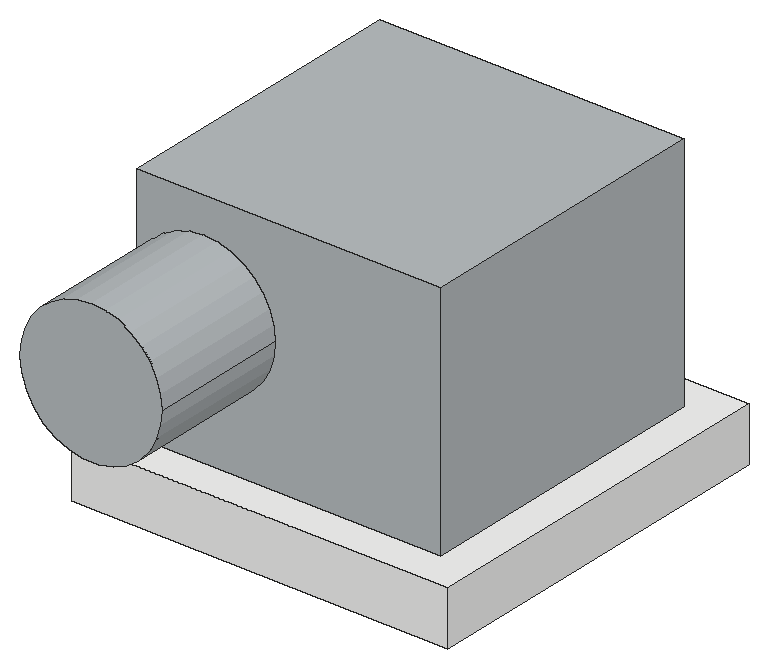
Revit family "vd-18_20ze(p)14-fp_60Hz", category 機械設備, Revit 2019
Family settings
  丸型コネクタ寸法 = 直径を使用
  パーツ タイプ = 標準
  OmniClass 番号 = 23.75.35.17.27
  OmniClass タイトル = Centrifugal Fans
  作業面ベース = いいえ
  常に垂直 = はい
  ロード時にボイドで切り取り = いいえ
  共有 = いいえ
  部屋計算ポイント = はい
Parameters (values of type "VD-20ZEP14-FP")
  騒音レベル(dB(A)) [instance] = 39.5
  風量 [instance] = 500.0 m³/h
  電源種別 [instance] = ""
  電圧 = 100 V
  電動機出力 = 0 W
  電動機_種別 [instance] = ""
  運転質量 = 0.00 kg
  連動 [instance] = ""
  質量 = if(製品質量 > 運転質量, 製品質量, 運転質量) * 1.2  # 7.08 kg
  負荷分類 = 3_ファン類
  説明 = "ダクト用換気扇 消音形 フラットインテリアタイプ"
  設計風量 [instance] = 0.0 m³/h
  設置方法 = "天埋"
  記号 [instance] = ""
  製造元 = "三菱電機株式会社"
  製品質量 = 5.90 kg
  製品出荷対象 = "国内"
  製品リリース年月 = "2024年6月3日"
  製品グループ = ""
  系統 [instance] = ""
  符号 [instance] = if(☑給気／□排気, "FS", "FE")  # "FE"
  積算_科目 = "2 換気設備"
  積算_拾い区分 [instance] = ""
  相 = 1
  盤記号 [instance] = ""
  発停方法 [instance] = ""
  特殊仕様 [instance] = ""
  火災停止 [instance] = ""
  消費電力 = 64.5 W
  法定耐用年数 = "15"
  機外静圧 [instance] = 0.0 Pa
  極数 = 2
  材質 [instance] = ""
  操作・制御方式 = ""
  操作・制御スイッチ = ""
  排気量 [instance] = if(☑給気／□排気, 0.0 m³/h, 設計風量)  # 0.0 m³/h
  形式 = "天井埋込ダクト形"
  幹線記号 [instance] = ""
  対象室 [instance] = ""
  実風量 [instance] = 0.0 m³/h
  始動方式 [instance] = "直入"
  外気量 [instance] = if(☑給気／□排気, 設計風量, 0.0 m³/h)  # 0.0 m³/h
  呼称 = "天井扇"
  周波数 = 60 Hz
  参照している仕様書等のバージョン = ""
  分類コード = "50052503100030"
  分類グループ = ""
  価格 = 86100
  企業コード = "108420"
  付属品_防振装置 = ""
  付属品 [instance] = ""
  仕様書バージョン = "Version1.0"
  モデル = "VD-20ZEP14-FP"
  マテリアル = 鋼板
  ファンの種類 = ""
  ダクト径 = 150 mm
  コメント [instance] = ""
  Keynote = ""
  カバーマテリアル = 合成樹脂(白)
  ☑給気／□排気 [instance] = no
  Width = 307 mm
  W1 = 380 mm
  Version = ""
  Uniclass2015Version = "Systems v1.9"
  Uniclass2015Title = "Centrifugal fans"
  Uniclass2015Code = "Pr_65_67_29_12"
  URL = "https://www.mitsubishielectric.co.jp/ldg/wink/qr/002/333516/"
  SpecificationReference = ""
  SpecificationDescription = ""
  Revision = ""
  ProductInformation = ""
  OmniClassCode = "23-33 31 19 11 15"
  MIN風量 = 380.0 m³/h
  MIN静圧 = 0.0 Pa
  MID風量 = 0.0 m³/h
  MID静圧 = 0.0 Pa
  MAX風量 = 500.0 m³/h
  MAX静圧 = 0.0 Pa
  IfcTypeProduct = ""
  IfcProduct = ""
  IfcExportType = "PROPELLORAXIAL"
  IfcExportAs = "IfcFanType"
  Height = 243 mm
  H1 = 55 mm
  EAサイズ_D = 144 mm
  Duct_Height = 135 mm
  Duct_Depth = 142 mm
  Duct_Center = 86 mm
  Depth = 307 mm
  D1 = 380 mm
  Author = "三菱電機株式会社"
Types (3, lengths in mm): name | 騒音レベル(dB(A)) | 風量 | 質量 | 製品質量 | 消費電力 | 価格 | モデル | URL | MIN風量 | MAX風量
  VD-18ZEP14-FP | 31.5 | 350.0 m³/h | 6.84 kg | 5.70 kg | 40 W | 64400 | "VD-18ZEP14-FP" | "https://www.mitsubishielectric.co.jp/ldg/wink/qr/002/333647/" | 0.0 m³/h | 350.0 m³/h
  VD-20ZE14-FP | 34 | 400.0 m³/h | 6.84 kg | 5.70 kg | 48 W | 75800 | "VD-20ZE14-FP" | "https://www.mitsubishielectric.co.jp/ldg/wink/qr/002/333515/" | 0.0 m³/h | 400.0 m³/h
  VD-20ZEP14-FP | 39.5 | 500.0 m³/h | 7.08 kg | 5.90 kg | 64.5 W | 86100 | "VD-20ZEP14-FP" | "https://www.mitsubishielectric.co.jp/ldg/wink/qr/002/333516/" | 380.0 m³/h | 500.0 m³/h
Reference planes
  plane 1 "中心(正面/背面)": y = 0
  plane 2: z = 0
  plane 3 "中心(左/右)": x = 0
  plane 4: x = -190
  plane 5: x = 190
  plane 6: y = 190
  plane 7: y = -190
  plane 8: x = -153.5
  plane 9: x = 153.5
  plane 10: y = 153.5
  plane 11: y = -153.5
  plane 12: y = -295.5
  plane 13: z = 243
  plane 14: z = -55
  plane 15: z = 135
  plane 16: x = -86
Forms (mm)
  Extrusion 1, solid, material "鋼板" <- "マテリアル", detail levels fine
    sketch origin (0, 0, 0) x (1, 0, 0) y (0, 1, 0)
      loop
        line (-153.5, 153.5) -> (-153.5, -153.5) -> (153.5, -153.5) -> (153.5, 153.5) -> (-153.5, 153.5)
    from 0 to 243
  Extrusion 2, solid, material "合成樹脂(白)" <- "カバーマテリアル", detail levels fine
    sketch origin (0, 0, 0) x (1, 0, 0) y (0, 1, 0)
      loop
        line (-190, 190) -> (-190, -190) -> (190, -190) -> (190, 190) -> (-190, 190)
    from 0 to -55
  Extrusion 3, solid, material "鋼板" <- "マテリアル", detail levels fine
    sketch origin (0, 0, 0) x (1, 0, 0) y (0, 0, 1)
      loop
        circle (-86, 135) r 72
    from 153.5 to 295.5
Dimensions and locks
  equal spacing: plane 4, plane 3 "中心(左/右)", plane 5
  "W1": plane 4 to plane 5
  equal spacing: plane 6, plane 1 "中心(正面/背面)", plane 7
  "D1": plane 6 to plane 7
  equal spacing: plane 8, plane 3 "中心(左/右)", plane 9
  "Width": plane 8 to plane 9
  equal spacing: plane 10, plane 1 "中心(正面/背面)", plane 11
  "Depth": plane 10 to plane 11
  "Duct_Depth": plane 11 to plane 12
  "Height": plane 13 to plane 2
  "Duct_Height": plane 15 to plane 2
  "H1": plane 2 to plane 14
  "Duct_Center": plane 3 "中心(左/右)" to plane 16
  "EAサイズ_D": diameter of Extrusion 3 sketch curve
  aligned and locked: level to plane 2
  aligned and locked: plane 5 to Extrusion 2
  aligned and locked: plane 6 to Extrusion 2
  aligned and locked: Extrusion 2 to plane 4
  aligned and locked: Extrusion 2 to plane 7
  aligned and locked: plane 9 to Extrusion 1
  aligned and locked: Extrusion 1 to plane 11
  aligned and locked: Extrusion 1 to plane 8
  aligned and locked: plane 10 to Extrusion 1
  aligned and locked: plane 13 to Extrusion 1
  aligned and locked: Extrusion 2 to plane 14
  aligned and locked: level to Extrusion 2
  aligned and locked: Extrusion 1 to level
  aligned and locked: Extrusion 3 to plane 12
  aligned and locked: plane 11 to Extrusion 3
Automatic sketch dimensions
  Extrusion 1 sketch curve to plane 3 "中心(左/右)" = 153.5 mm
  plane 3 "中心(左/右)" to Extrusion 1 sketch curve = 153.5 mm
  Extrusion 2 sketch curve to plane 3 "中心(左/右)" = 190 mm
  plane 3 "中心(左/右)" to Extrusion 2 sketch curve = 190 mm
  plane 1 "中心(正面/背面)" to Extrusion 1 sketch curve = 153.5 mm
  Extrusion 1 sketch curve to plane 1 "中心(正面/背面)" = 153.5 mm
  plane 1 "中心(正面/背面)" to Extrusion 2 sketch curve = 190 mm
  Extrusion 2 sketch curve to plane 1 "中心(正面/背面)" = 190 mm
  Extrusion 3 sketch curve to plane 15 = 0 mm
  Extrusion 3 sketch curve to plane 16 = 0 mm
Nested families
  nested 1: "記号_天井換気扇_平面" at (0, 0, 0), type "記号_天井換気扇_平面", detail levels coarse+medium
Connectors
  hvac at (-86, -295.5, 135), driven by "ダクト径", driven by "風量", driven by "機外静圧"
    settings: on Extrusion 3, index 1, duct flow 500.0 m³/h, flow factor 0, pres drop 0.0 Pa, loss coef 0, conn angle 0.00°, conn width 304.8 mm, conn height 304.8 mm, conn diameter 150 mm, duct sys type 3, conn prof type 0, flow config 0, flow direction 2, loss method 4, conn ref index -1, conn util no, is conn primary yes, conn desc ""
  electrical at (0, 0, 243), driven by "極数", driven by "負荷分類", driven by "電圧", driven by "消費電力"
    settings: on Extrusion 1, index 2, voltage 100 V, apparent load 64.5 VA, apparent load phase1 0 VA, apparent load phase2 0 VA, apparent load phase3 0 VA, power factor 1, load classification "3_ファン類", number of poles 2, system type 30, power factor state 1, is connector primary yes, connector utility no, sub classification motor no, connector description ""
Definition of nested family "記号_天井換気扇_平面"
  Reference planes
    plane 1: y = 0
    plane 2: x = 0
  Lines and regions (mm)
    detail lines
      curve 1: line (-2.5, 2.5, 0) -> (2.5, 2.5, 0)
      curve 2: line (-2.5, -2.5, 0) -> (-2.5, 2.5, 0)
      curve 3: line (2.5, -2.5, 0) -> (-2.5, -2.5, 0)
      curve 4: line (2.5, 2.5, 0) -> (2.5, -2.5, 0)
      curve 5: circle (-1.04, -1.04, 0) r 1.46 normal (0, 0, 1)
      curve 6: circle (1.04, 1.04, 0) r 1.46 normal (0, 0, 1)
      curve 7: line (-3.125, 3.125, 0) -> (3.125, 3.125, 0)
      curve 8: line (-3.125, -3.125, 0) -> (-3.125, 3.125, 0)
      curve 9: line (3.125, -3.125, 0) -> (-3.125, -3.125, 0)
      curve 10: line (3.125, 3.125, 0) -> (3.125, -3.125, 0)
      curve 11: circle (1.295, 1.295, 0) r 1.83 normal (0, 0, 1)
      curve 12: circle (-1.295, -1.295, 0) r 1.83 normal (0, 0, 1)
      curve 13: line (-2, 2, 0) -> (2, 2, 0)
      curve 14: line (-2, -2, 0) -> (-2, 2, 0)
      curve 15: line (2, -2, 0) -> (-2, -2, 0)
      curve 16: line (2, 2, 0) -> (2, -2, 0)
      curve 17: circle (0.84, 0.84, 0) r 1.16 normal (0, 0, 1)
      curve 18: circle (-0.84, -0.84, 0) r 1.2 normal (0, 0, 1)
